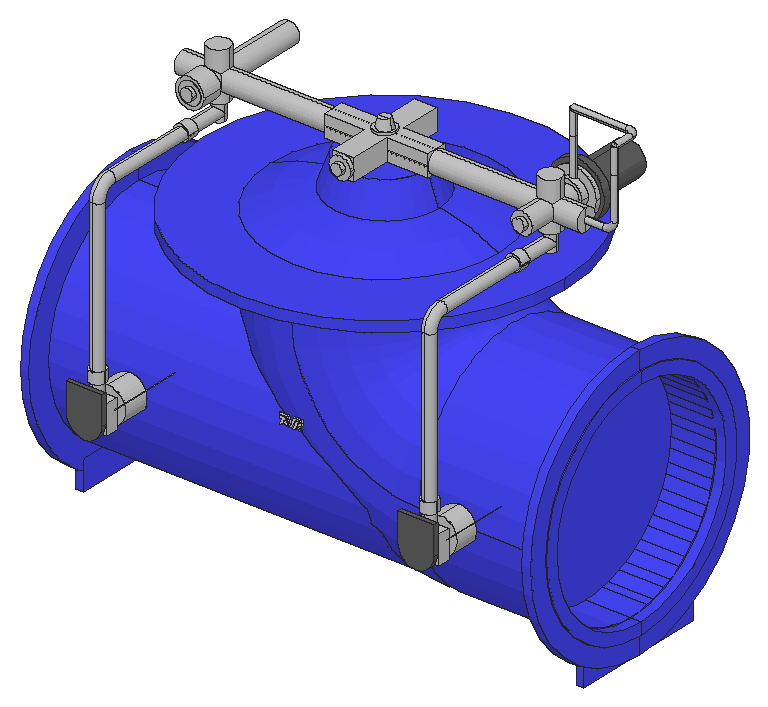
Revit family "859-000X-001 DN350-600", category Pipe Accessories, Revit 2022 (continued)
Types (35, lengths in mm): name | sweep_box2 | sweep_box1 | sweep_H1 | sweep_H | sweep_D | sweep1 | sweep/2 | sweep | nut_dim | dim2 | bore2 | Sweep_R | L3 | dim1 | centre | W22 | W2 | W11 | W1 | W | Thickness1 | Thickness | Raised_dis | Raised_R | Nut_T | Nut_Dim2 | Nut_Dim1 | L | H4 | H33 | H3 | FL_T | D | DN | Control_dim7 | Control_dim6 | Control_dim5 | Control_dim4 | Control_dim3 | Control_dim2 | Control_dim1 | Centre_nut | Centre_D1 | Centre_D | Bore22 | Bore2 | Bore1 | Bore | Bonnet_dim3 | Bonnet_dim2 | Bonnet_dim1_H1 | Bonnet_dim1_H | Bonnet_dim1 | Bonnet_R | Bonnet_D1 | Bonnet_D | Bolt_Dia | Body_Rib_L | Body_H | Actuator_d | Actuator_L1 | Actuator_L
  DN600_PN10 Pilot range ( 5 - 10) | 22.1 | 40 | 78.365 | 573.95 | 34 | 17 | 8.5 | 40.8 | 231 | 254.5 | 327.25 | 25.5 | 533.61 | 101.8 | 468.234 | 330.85 | 509 | 427.5 | 509 | 492 | 21.6 | 18 | 5 | 33.94 | 19.5 | 12.128 | 57.46 | 1450 | 150.993 | 75.496 | 1268 | 30 | 385 | 600.3 | 66.307 | 49.116 | 40.93 | 415.8 | 15.159 | 145.53 | 30.319 | 75 | 80 | 100 | 359.975 | 327.25 | 360.18 | 300.15 | 121.275 | 161.7 | 631.345 | 55.975 | 323.4 | 485.1 | 462 | 231 | 44.2 | 192.5 | 462 | 79.569 | 206.145 | 229.05
  DN600_PN10 Pilot range ( 0.1 - 1) | 22.1 | 40 | 78.365 | 573.95 | 34 | 17 | 8.5 | 40.8 | 231 | 254.5 | 327.25 | 25.5 | 533.61 | 101.8 | 468.078 | 330.85 | 509 | 427.5 | 509 | 492 | 21.6 | 18 | 5 | 33.98 | 19.5 | 12.128 | 57.46 | 1450 | 150.993 | 75.496 | 1268 | 30 | 385 | 600.1 | 66.307 | 49.116 | 40.93 | 415.8 | 15.159 | 145.53 | 30.319 | 75 | 80 | 100 | 359.975 | 327.25 | 360.06 | 300.05 | 121.275 | 161.7 | 631.345 | 55.975 | 323.4 | 485.1 | 462 | 231 | 44.2 | 192.5 | 462 | 79.569 | 206.145 | 229.05
  DN600_PN16 Pilot range ( 0.6 - 6) | 22.1 | 40 | 78.365 | 573.95 | 34 | 17 | 8.5 | 40.8 | 231 | 254.5 | 327.25 | 25.5 | 533.61 | 101.8 | 468.234 | 330.85 | 509 | 427.5 | 509 | 492 | 21.6 | 18 | 5 | 33.94 | 19.5 | 12.128 | 57.46 | 1450 | 150.993 | 75.496 | 1268 | 30 | 385 | 600.3 | 66.307 | 49.116 | 40.93 | 415.8 | 15.159 | 145.53 | 30.319 | 75 | 80 | 100 | 359.975 | 327.25 | 360.18 | 300.15 | 121.275 | 161.7 | 631.345 | 55.975 | 323.4 | 485.1 | 462 | 231 | 44.2 | 192.5 | 462 | 79.569 | 206.145 | 229.05
  DN600_PN16 Pilot range ( 5 - 10) | 22.1 | 40 | 78.365 | 573.95 | 34 | 17 | 8.5 | 40.8 | 231 | 254.5 | 327.25 | 25.5 | 533.61 | 101.8 | 468.234 | 330.85 | 509 | 427.5 | 509 | 492 | 21.6 | 18 | 5 | 33.94 | 19.5 | 12.128 | 57.46 | 1450 | 150.993 | 75.496 | 1268 | 30 | 385 | 600.3 | 66.307 | 49.116 | 40.93 | 415.8 | 15.159 | 145.53 | 30.319 | 75 | 80 | 100 | 359.975 | 327.25 | 360.18 | 300.15 | 121.275 | 161.7 | 631.345 | 55.975 | 323.4 | 485.1 | 462 | 231 | 44.2 | 192.5 | 462 | 79.569 | 206.145 | 229.05
  DN600_PN16 Pilot range ( 10 - 16) | 22.1 | 40 | 78.365 | 573.95 | 34 | 17 | 8.5 | 40.8 | 231 | 254.5 | 327.25 | 25.5 | 533.61 | 101.8 | 468.234 | 330.85 | 509 | 427.5 | 509 | 492 | 21.6 | 18 | 5 | 33.94 | 19.5 | 12.128 | 57.46 | 1450 | 150.993 | 75.496 | 1268 | 30 | 385 | 600.3 | 66.307 | 49.116 | 40.93 | 415.8 | 15.159 | 145.53 | 30.319 | 75 | 80 | 100 | 359.975 | 327.25 | 360.18 | 300.15 | 121.275 | 161.7 | 631.345 | 55.975 | 323.4 | 485.1 | 462 | 231 | 44.2 | 192.5 | 462 | 79.569 | 206.145 | 229.05
  DN600_PN16 Pilot range ( 0.1 - 1) | 22.1 | 40 | 78.365 | 573.95 | 34 | 17 | 8.5 | 40.8 | 231 | 254.5 | 327.25 | 25.5 | 533.61 | 101.8 | 468.234 | 330.85 | 509 | 427.5 | 509 | 492 | 21.6 | 18 | 5 | 33.94 | 19.5 | 12.128 | 57.46 | 1450 | 150.993 | 75.496 | 1268 | 30 | 385 | 600.3 | 66.307 | 49.116 | 40.93 | 415.8 | 15.159 | 145.53 | 30.319 | 75 | 80 | 100 | 359.975 | 327.25 | 360.18 | 300.15 | 121.275 | 161.7 | 631.345 | 55.975 | 323.4 | 485.1 | 462 | 231 | 44.2 | 192.5 | 462 | 79.569 | 206.145 | 229.05
